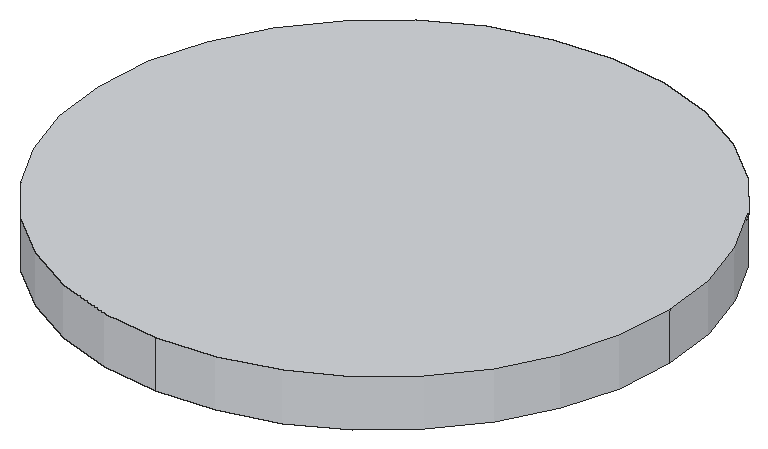
Revit family "fe9c0d6503c54ea3b09f7272dc231e55", category Mechanical Equipment, host Face, Revit 2021
Family settings
  Host = Face
  Round Connector Dimension = Use Radius
  Part Type = Normal
  OmniClass Number = 23.75.70.21.27
  OmniClass Title = Air Outlets and Inlets
  Seek Item ID = Round Duct Connector - Exhuast Air - Mechanical Equipment-0000-USA-ENU
  Cut with Voids When Loaded = No
  Shared = No
  Room Calculation Point = No
Parameters (values of type "Standard")
  Thickness [instance] = 1"
  Radius [instance] = 6"
  Flow [instance] = 100 CFM
  Diameter [instance] = Radius * 2  # 12"
  Default Elevation = 0' - 0"
  Assembly Code = ""
Reference planes (in)
  plane 1 "Center (Front/Back)": y = 0
  plane 2: z = 0
  plane 3 "Center (Left/Right)": x = 0
Forms (in)
  Sweep 1, solid
    path in 3D
      loop
        line (0, 0, 0) -> (0, 0, 1)
    profile "Duct - Round : Duct - Round" origin (0, 0, 0.5) x (0, -1, 0) y (1, 0, 0)
      loop
        arc (-6, 0) -> (-4.24264, -4.24264) -> (0, -6) r 6
        arc (0, -6) -> (4.24264, -4.24264) -> (6, 0) r 6
        arc (6, 0) -> (4.24264, 4.24264) -> (0, 6) r 6
        arc (0, 6) -> (-4.24264, 4.24264) -> (-6, 0) r 6
Lines and regions (in)
  reference lines
    curve 1: line (0, 0, 0) -> (0, 0, 1)
  sketch lines
    curve 2: line (0, 0, 0) -> (0, 0, 1)
Dimensions and locks (in)
  "Thickness": curve 1 to curve 1
  aligned and locked: plane 2 to host face
  aligned and locked: level to host face
  aligned and locked: host face to curve 1
  aligned and locked: curve 1 to plane 1 "Center (Front/Back)"
Automatic sketch dimensions
  host sketch curve to host sketch curve = 8' - 0"  (x2)
Connectors (in)
  hvac at (0, 0, 1), driven by "Radius", driven by "Flow"
    settings: on Sweep 1, index 1, duct flow 100 CFM, flow factor 0, pres drop 0.00 in-wg, loss coef 0, conn angle 0.00°, conn width 12", conn height 12", conn diameter 12", duct sys type 3, conn prof type 0, flow config 1, flow direction 2, loss method 0, conn ref index -1, conn util no, is conn primary yes, conn desc ""
